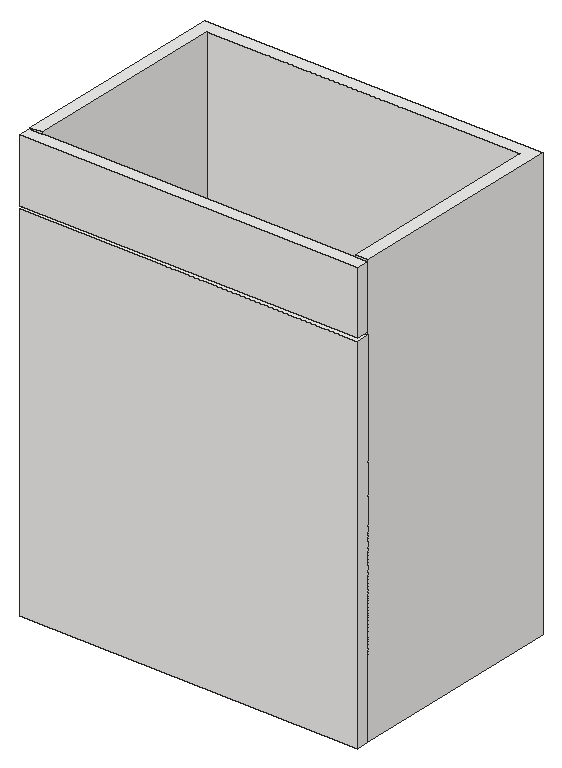
Revit family "GO_undercabinet 450", category Furniture, Revit 2019
Family settings
  OmniClass Number = 23.40.20.00
  OmniClass Title = General Furniture and Specialties
  Work Plane-Based = No
  Always vertical = Yes
  Cut with Voids When Loaded = No
  Shared = No
  Room Calculation Point = No
Parameters (values of type "Go 450 white matt")
  Width = 430 mm
  URL = "www.hafa.se"
  Svulsthöjd = 550 mm
  Surface finish = "Lacquered"
  Model = "Go under cabinets"
  Material front = "Moisure resistant MDF FSC and  E1 certified"
  Material body = "Moisture resistant chip board E1 certified"
  Manufacturer = "Hafa Bathroom Group AB"
  GTIN = "7330027103518"
  Finish = NCS S 0300-N 20% gloss white matt
  ETIM = "EC011382"
  Depth = 294 mm
  Article number = "1580000"
Types (4, lengths in mm): name | GTIN | Finish | Article number
  (no name) | "7330027103518" | NCS S 0300-N 20% gloss white matt | "1580000"
  Go 450 white matt | "7330027103518" | NCS S 0300-N 20% gloss white matt | "1580000"
  Go 450 black matt | "7330027103525" | NCS S 9000-N 10% gloss black matt | "1580001"
  Go 450 white high gloss | "7330027096810" | NCS S 0300-N 90% gloss white highgloss | "1580002"
Reference planes
  plane 1 "Center (Front/Back)": y = 0
  plane 2: z = 0
  plane 3 "Center (Left/Right)": x = 0
  plane 4: x = -215
  plane 5: x = 215
  plane 6 "back": y = 147
  plane 7 "front": y = -147
  plane 8 "svulsthöjd": z = 550
  plane 9: z = 0
  plane 10: z = 16
Forms (mm)
  Extrusion 1, solid, material "NCS S 0300-N 20% gloss white matt" <- "Finish"
    sketch origin (0, 0, 550) x (-1, 0, 0) y (0, -1, 0)
      loop
        line (215, -147) -> (215, 131) -> (-215, 131) -> (-215, -147) -> (215, -147)
    from 0 to -550
  Extrusion 2, solid, material "NCS S 0300-N 20% gloss white matt" <- "Finish"
    sketch origin (225, -131, 550) x (-1, 0, 0) y (0, 0, -1)
      loop
        line (10, 2) -> (440, 2) -> (440, 82) -> (10, 82) -> (10, 2)
      loop
        line (440, 86) -> (440, 550) -> (10, 550) -> (10, 86) -> (440, 86)
    from 0 to 16
  Extrusion 3, void
    sketch origin (0, 0, 550) x (-1, 0, 0) y (0, -1, 0)
      loop
        line (199, -131) -> (199, 147) -> (-199, 147) -> (-199, -131) -> (199, -131)
    from 0 to -534
Cuts and joins
  Extrusion 3 cuts Extrusion 1
Dimensions and locks
  equal spacing: plane 6 "back", plane 1 "Center (Front/Back)", plane 7 "front"
  equal spacing: plane 4, plane 3 "Center (Left/Right)", plane 5
  "Width": plane 4 to plane 5
  "Depth": plane 6 "back" to plane 7 "front"
  "Svulsthöjd": plane 8 "svulsthöjd" to level
  Extrusion 2 sketch curve to Extrusion 1 = 2 mm
  Extrusion 2 sketch curve to plane 8 "svulsthöjd" = 82 mm
  Extrusion 1 to Extrusion 2 sketch curve = 0 mm
  Extrusion 2 sketch curve to Extrusion 2 sketch curve = 4 mm
  plane 8 "svulsthöjd" to Extrusion 2 sketch curve to Extrusion 2 sketch curve = 2 mm locked, 80 mm locked
  locked: Extrusion 3 sketch curve to Extrusion 1 at 16  (x2)
  locked: Extrusion 1 to Extrusion 3 sketch curve at 16
  locked: Extrusion 2 to Extrusion 2 at 80
  plane 8 "svulsthöjd" to plane 9 = 550 mm
  locked: plane 10 to plane 9 at 16
  aligned and locked: level to plane 2
  aligned and locked: Extrusion 1 sketch curve to plane 6 "back"
  aligned and locked: plane 4 to Extrusion 1 sketch curve
  aligned and locked: Extrusion 1 sketch curve to plane 5
  aligned and locked: plane 7 "front" to Extrusion 3 sketch curve
  aligned and locked: Extrusion 1 to level
  aligned and locked: Extrusion 2 to cut or joined group of Extrusion 1, Extrusion 3
  aligned and locked: Extrusion 3 to plane 10
Automatic sketch dimensions
  plane 7 "front" to Extrusion 1 sketch curve = 16 mm
  Extrusion 2 sketch curve to Extrusion 1 = 0 mm  (x4)
